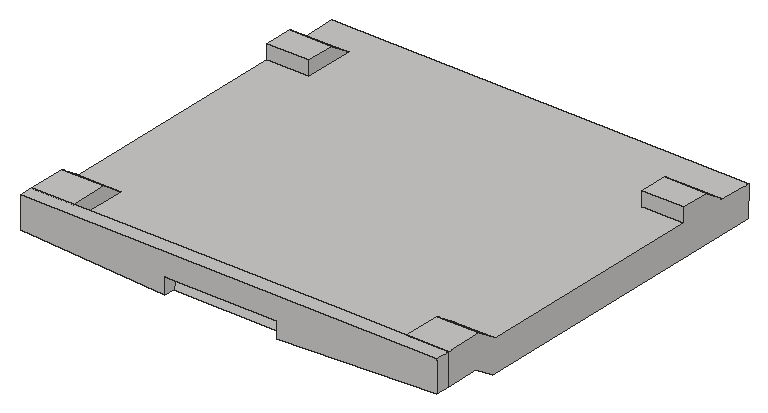
Revit family "STA9S", category Specialty Equipment, Revit 2014
Parameters
  Width [instance] = 23.4252"
  Height [instance] = 2.55906"
  Depth [instance] = 22.44085"
Reference planes (in)
  plane 1 "Center (Front/Back)": y = 0
  plane 2: z = 0
  plane 3 "Center (Left/Right)": x = 0
  plane 4 "Right": x = 11.7126
  plane 5 "Left": x = -11.7126
Forms (in)
  Extrusion 1, void
    sketch origin (0, 0, 0) x (1, 0, 0) y (0, 1, 0)
      loop
        line (11.7126, -12.19685) -> (13.71063, -12.19685) -> (13.71063, -8.25984) -> (11.7126, -8.25984) -> (11.7126, -12.19685)
    from 0 to 12.90102
  Extrusion 2, void
    sketch origin (0, 0, 0) x (1, 0, 0) y (0, 1, 0)
      loop
        line (-11.7126, -12.19685) -> (-11.7126, -8.25984) -> (-13.71063, -8.25984) -> (-13.71063, -12.19685) -> (-11.7126, -12.19685)
    from 0 to 12.90102
  Extrusion 3, void
    sketch origin (0, 0, 29.31006) x (0, 1, 0) y (-1, 0, 0)
      loop
        line (-9.61734, 11.7126) -> (-9.61734, -11.7126) -> (-8.82994, -11.7126) -> (-8.82994, 11.7126) -> (-9.61734, 11.7126)
    from -29.31006 to -16.40904
  Revolve 4, solid, material "QF_Finishes_Stainless Steel"
    sketch origin (0, 0, 0) x (0, 1, 0) y (0, 0, 1)
      loop
        line (-10.9952, 2.56294) -> (-10.9952, 0.78732) -> (-9.80316, 0.78732) -> (-9.80316, 2.56294) -> (-10.9952, 2.56294)
      axis (109.39529, 0.78732) -> (109.39529, 2.56294)
    angle from 6 to -6
  Extrusion 5, solid, material "QF_Finishes_Stainless Steel"
    sketch origin (0, 0, 0) x (0, 1, 0) y (0, 0, 1)
      loop
        line (-9.61734, 1.77174) -> (-9.61734, 0.78739) -> (-7.6661, 0.78739) -> (-6.485, 0) -> (11.44565, 0) -> (11.44565, 1.77174) -> (-9.61734, 1.77174)
    from -11.7126 to 11.7126
  Extrusion 6, solid, material "QF_Finishes_Stainless Steel"
    sketch origin (11.7126, 0, 0) x (0, 1, 0) y (0, 0, 1)
      loop
        line (6.92217, 1.77174) -> (9.67807, 1.77174) -> (8.49709, 2.55906) -> (6.92217, 2.55906) -> (6.92217, 1.77174)
    from 0 to -2.3622
  Extrusion 7, solid, material "QF_Finishes_Stainless Steel"
    sketch origin (11.7126, 0, 0) x (0, 1, 0) y (0, 0, 1)
      loop
        line (-6.32193, 1.77174) -> (-7.50873, 2.56294) -> (-9.61734, 2.56294) -> (-9.61734, 1.77174) -> (-6.32193, 1.77174)
    from 0 to -2.3622
  Extrusion 8, solid, material "QF_Finishes_Stainless Steel"
    sketch origin (-11.7126, 0, 0) x (0, 1, 0) y (0, 0, 1)
      loop
        line (6.92217, 1.77174) -> (9.67807, 1.77174) -> (8.49709, 2.55906) -> (6.92217, 2.55906) -> (6.92217, 1.77174)
    from 0 to 2.3622
  Extrusion 9, solid, material "QF_Finishes_Stainless Steel"
    sketch origin (-11.7126, 0, 0) x (0, 1, 0) y (0, 0, 1)
      loop
        line (-9.61734, 1.77174) -> (-6.32193, 1.77174) -> (-7.50873, 2.56294) -> (-9.61734, 2.56294) -> (-9.61734, 1.77174)
    from 0 to 2.3622
  Revolve 10, void
    sketch origin (0, 0, 0) x (0, 1, 0) y (0, 0, 1)
      loop
        line (-10.9952, 1.67513) -> (-10.9952, 0.78732) -> (-10.42409, 0.78732) -> (-10.08682, 1.78666) -> (-10.9952, 1.67513)
      axis (109.39529, 0.78732) -> (109.39529, 1.78666)
    angle from -1.5 to 1.5
Cuts and joins
  Extrusion 1, Extrusion 2, Extrusion 3, Revolve 10 cuts Revolve 4
  joined: Extrusion 5, Extrusion 6, Extrusion 7, Extrusion 8, Extrusion 9
Lines and regions (in)
  symbolic lines, style "QF_Door-Drawer Clearances"
    curve 1: line (-9.55803, -29.77157, 29.31006) -> (-9.43992, -29.77157, 29.31006)
  symbolic lines
    curve 2: line (-11.7126, 11.44565, 29.31006) -> (11.7126, 11.44565, 29.31006)
    curve 3: line (11.7126, 11.44565, 29.31006) -> (11.7126, -9.61734, 29.31006)
    curve 4: line (11.7126, -9.61734, 29.31006) -> (-11.7126, -9.61734, 29.31006)
    curve 5: line (-11.7126, -9.61734, 29.31006) -> (-11.7126, 11.44565, 29.31006)
    curve 6: line (-11.7126, -9.61734, 29.31006) -> (-11.7126, -11.52164, 29.31006)
    curve 7: line (11.7126, -9.61734, 29.31006) -> (11.7126, -11.52164, 29.31006)
  symbolic lines, style "SpecialityEquipment"
    curve 8: line (-11.7126, 9.67807, 29.31006) -> (-9.35039, 9.67807, 29.31006)
    curve 9: line (-9.35039, 9.67807, 29.31006) -> (-9.35039, 6.92217, 29.31006)
    curve 10: line (-9.35039, 6.92217, 29.31006) -> (-11.7126, 6.92217, 29.31006)
    curve 11: line (-9.35039, 8.49709, 29.31006) -> (-11.7126, 8.49709, 29.31006)
    curve 12: line (9.35039, 9.67807, 29.31006) -> (11.7126, 9.67807, 29.31006)
    curve 13: line (9.35039, 9.67807, 29.31006) -> (9.35039, 6.92217, 29.31006)
    curve 14: line (9.35039, 6.92217, 29.31006) -> (11.7126, 6.92217, 29.31006)
    curve 15: line (9.35039, 8.49709, 29.31006) -> (11.7126, 8.49709, 29.31006)
    curve 16: line (-11.7126, -6.32193, 29.31006) -> (-9.35039, -6.32193, 29.31006)
    curve 17: line (-9.35039, -6.32193, 29.31006) -> (-9.35039, -9.61734, 29.31006)
    curve 18: line (-9.35039, -7.50873, 29.31006) -> (-11.7126, -7.50873, 29.31006)
    curve 19: line (9.35039, -9.61734, 29.31006) -> (9.35039, -6.32193, 29.31006)
    curve 20: line (9.35039, -6.32193, 29.31006) -> (11.7126, -6.32193, 29.31006)
    curve 21: line (9.35039, -7.50873, 29.31006) -> (11.7126, -7.50873, 29.31006)
Dimensions and locks (in)
  "Width": plane 5 "Left" to plane 4 "Right"
  "Height": cut or joined group of Extrusion 5, Extrusion 6, Extrusion 7, Extrusion 8, Extrusion 9 to level
  aligned and locked: level to plane 2
Automatic sketch dimensions
  Extrusion 1 sketch curve to Extrusion 1 sketch curve = 1.99803"
  Extrusion 2 sketch curve to Extrusion 2 sketch curve = 1.99803"
  plane 3 "Center (Left/Right)" to Extrusion 1 sketch curve = 11.7126"
  Extrusion 2 sketch curve to plane 3 "Center (Left/Right)" = 13.71063"
  Extrusion 3 sketch curve to plane 4 "Right" = 0"
  Extrusion 3 sketch curve to plane 5 "Left" = 0"
  Extrusion 3 sketch curve to Extrusion 3 sketch curve = 0.7874"
  level to Revolve 4 sketch curve = 0"
  Revolve 4 sketch curve to Revolve 4 sketch curve = 1.19204"
  level to Revolve 4 sketch curve = 0.78732"
  Revolve 4 sketch curve to Revolve 4 sketch curve = 1.77562"
  Extrusion 5 sketch curve to level = 0"
  level to Extrusion 5 sketch curve = 0.78739"
  Extrusion 5 sketch curve to Extrusion 5 sketch curve = 1.18109"
  Extrusion 5 sketch curve to Extrusion 5 sketch curve = 0.98434"
  Extrusion 6 sketch curve to Extrusion 6 sketch curve = 1.57493"
  level to Extrusion 6 sketch curve = 2.55906"
  Extrusion 6 sketch curve to Extrusion 6 sketch curve = 1.18098"
  Extrusion 6 sketch curve to Extrusion 6 sketch curve = 0.78732"
  Extrusion 7 sketch curve to Extrusion 7 sketch curve = 0.7912"
  Extrusion 7 sketch curve to Extrusion 7 sketch curve = 2.1086"
  level to Extrusion 7 sketch curve = 1.77174"
  Extrusion 7 sketch curve to Extrusion 7 sketch curve = 1.18681"
  Extrusion 8 sketch curve to Extrusion 8 sketch curve = 1.57493"
  level to Extrusion 8 sketch curve = 2.55906"
  Extrusion 8 sketch curve to Extrusion 8 sketch curve = 1.18098"
  Extrusion 8 sketch curve to Extrusion 8 sketch curve = 0.78732"
  Extrusion 9 sketch curve to Extrusion 9 sketch curve = 0.7912"
  Extrusion 9 sketch curve to Extrusion 9 sketch curve = 2.1086"
  level to Extrusion 9 sketch curve = 1.77174"
  Extrusion 9 sketch curve to Extrusion 9 sketch curve = 1.18681"
  level to Revolve 10 sketch curve = 0.78732"
  Revolve 10 sketch curve to Revolve 10 sketch curve = 0.5711"
  Revolve 10 sketch curve to Revolve 10 sketch curve = 0.90838"
  Revolve 10 sketch curve to Revolve 10 sketch curve = 0.88781"
  Revolve 10 sketch curve to Revolve 10 sketch curve = 0.11153"
  level to Revolve 10 sketch curve = 5 131/256"
  curve 21 to plane 4 "Right" = 0"
  curve 9 to curve 8 = 2.75591"
  curve 13 to curve 12 = 2.75591"
  curve 11 to curve 8 = 1.18098"
  curve 15 to curve 12 = 1.18098"
  curve 21 to curve 20 = 1.18681"
  curve 18 to curve 16 = 1.18681"
  curve 6 to plane 5 "Left" = 0"
  level to Revolve 4 sketch curve = 60.4008"
  Revolve 10 sketch curve to Revolve 10 sketch curve = 14.17323"
  plane 1 "Center (Front/Back)" to Extrusion 1 sketch curve = 12.19685"
  Extrusion 1 sketch curve to Extrusion 1 sketch curve = 3.93701"
  plane 1 "Center (Front/Back)" to Extrusion 2 sketch curve = 12.19685"
  Extrusion 2 sketch curve to Extrusion 2 sketch curve = 3.93701"
  plane 1 "Center (Front/Back)" to curve 19 = 6.32193"
  plane 1 "Center (Front/Back)" to curve 16 = 6.32193"
  curve 7 to curve 21 = 2.1086"
  curve 6 to curve 4 = 1.9043"
  curve 1 to curve 6 = 18.24993"
  plane 1 "Center (Front/Back)" to Extrusion 3 sketch curve = 9.61734"
  plane 1 "Center (Front/Back)" to Revolve 4 sketch curve = 9.80316"
  plane 1 "Center (Front/Back)" to Extrusion 5 sketch curve = 6.485"
  Extrusion 5 sketch curve to Extrusion 5 sketch curve = 1.95124"
  plane 1 "Center (Front/Back)" to Extrusion 7 sketch curve = 9.61734"
  plane 1 "Center (Front/Back)" to Extrusion 9 sketch curve = 9.61734"
  plane 1 "Center (Front/Back)" to Revolve 10 sketch curve = 10.08682"
  curve 20 to curve 19 = 2.3622"
  curve 14 to curve 14 = 2.3622"
  curve 16 to curve 16 = 2.3622"
  plane 5 "Left" to curve 9 = 2.3622"
  plane 5 "Left" to curve 1 = 2.27268"
  curve 1 to curve 1 = 0.11811"
  curve 14 to plane 1 "Center (Front/Back)" = 6.92217"
  curve 10 to plane 1 "Center (Front/Back)" = 6.92217"
  curve 8 to curve 5 = 1.76758"
  Revolve 4 sketch curve to plane 1 "Center (Front/Back)" = 109.39529"
  Extrusion 5 sketch curve to plane 1 "Center (Front/Back)" = 11.44565"
  Extrusion 6 sketch curve to plane 1 "Center (Front/Back)" = 6.92217"
  Extrusion 8 sketch curve to plane 1 "Center (Front/Back)" = 6.92217"
  Revolve 10 sketch curve to plane 1 "Center (Front/Back)" = 109.39529"
  curve 7 to curve 3 = 1.9043"
